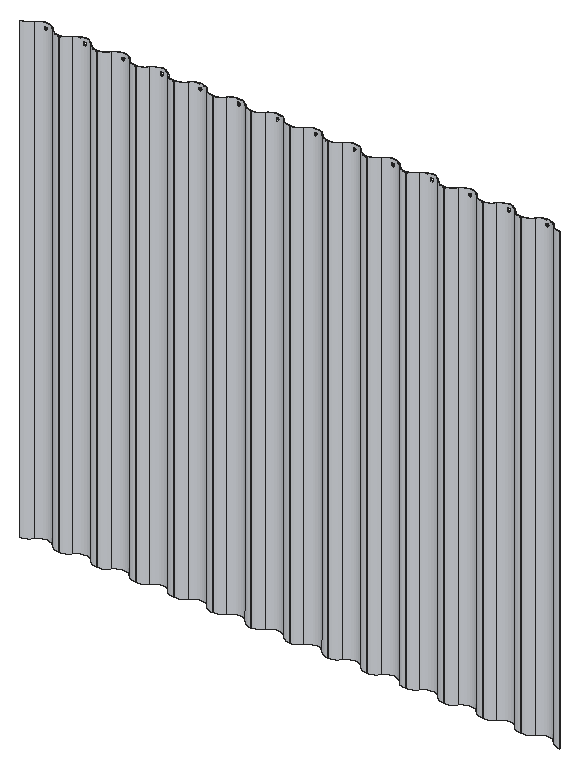
Revit family
Parameters (values of type "84" Curtain")
  offset [instance] = 0' - 0"
  Warranty Duration (Years) = 0
  Unit Width = 7' - 0"
  Unit Height = 0' - 1 1/2"
  Unit Depth = 0' - 0"
  URL = "http://www.americanspecialties.com/viewCategories.cfm"
  Trim Material = Vinyl Fabric
  Specification = "http://www.arcat.com/sdspecs/htm/10810asi.htm"
  SpecWizard = ""
  Send Message = "http://www.arcat.com/users.pl?action=UserEmail&company=American%20Specialties,%20Inc.&coid=30448&rep=139&fax=914-476-0688&mf="
  Sales Information = "http://www.americanspecialties.com/contact"
  Revision = "R1_10-2010"
  Product Properties = "http://www.americanspecialties.com/datasheets/1200V.pdf"
  Product Data = "http://www.arcat.com/arcatcos/cos30/arc30448.html"
  Model = "As Specified in 10 28 13"
  Manufacturer Website = "http://www.americanspecialties.com/viewCategories.cfm"
  Manufacturer Phone - Toll Free = ""
  Manufacturer Phone = "914-476-9000 "
  Manufacturer Fax = "914-476-0688"
  Manufacturer Address = "441 Saw Mill River Rd., Yonkers, NY 10701"
  Manufacturer = "American Specialties, Inc."
  Maintenance Schedule (Months) = 0
  Keynote = "10 28 13"
  Installation-Fabrication = "http://www.americanspecialties.com/products.cfm"
  Installation Phase = ""
  Green Building-LEED = "http://www.arcat.com/green/clients/leed_data_30448.html"
  Expected Lifespan (Years) = 0
  Drawn By = "Robert S. Weygant, CSI, CDT, SCIP"
  Description = "Toilet Accessory as Specified in 10 28 13"
  Default Elevation = 4' - 0"
  Curtain = Unit Width / 0' 6"  # 14
  Copyright = "©Arcat Inc."
  Construction Details = "http://www.americanspecialties.com/products.cfm"
  Body Material = Vinyl Fabric
  Assembly Code = "C1030210"
Types (6): name | Unit Width | Trim Material | Product Properties | Curtain | Body Material
  (no name) | 7' - 0" | Vinyl Fabric | "http://www.americanspecialties.com/datasheets/1200V.pdf" | 14 | Vinyl Fabric
  84" Curtain | 7' - 0" | Vinyl Fabric | "http://www.americanspecialties.com/datasheets/1200V.pdf" | 14 | Vinyl Fabric
  72" Curtain | 6' - 0" | none | "http://www.arcat.com/bim/bim_info.pl?fn=AmericanSpecialties" | 12 | none
  60" Curtain | 5' - 0" | none | "http://www.arcat.com/bim/bim_info.pl?fn=AmericanSpecialties" | 10 | none
  54" Curtain | 4' - 6" | none | "http://www.arcat.com/bim/bim_info.pl?fn=AmericanSpecialties" | 9 | none
  42" Curtain | 3' - 6" | none | "http://www.arcat.com/bim/bim_info.pl?fn=AmericanSpecialties" | 7 | none
Reference planes (in)
  plane 1 "Center (Front/Back)": y = 0
  plane 2 "Bottom": z = 0
  plane 3 "Center (Left/Right)": x = 3
  plane 4 "Front": y = -0.75
  plane 5 "Back": y = 0.75
  plane 6 "Top": z = 80.19785
  plane 7: x = 87
Dimensions and locks (in)
  equal spacing: plane 5 "Back", plane 1 "Center (Front/Back)", plane 4 "Front"
  "Unit Height": plane 5 "Back" to plane 4 "Front"
  "Unit Width": plane 3 "Center (Left/Right)" to plane 7
  equal spacing: group 1, group 2, group 3, group 4, group 5, group 6, group 7, group 8, group 9, group 10, group 11, group 12, group 13, group 14  (x3)
Nested families (in)
  nested 1: "1200" at (3, 0, 0), type "1200"
    with offset 0' - 0"
  nested 2: "1200" at (9, 0, 0), type "1200"
    with offset 0' - 0"
  nested 3: "1200" at (15, 0, 0), type "1200"
    with offset 0' - 0"
  nested 4: "1200" at (21, 0, 0), type "1200"
    with offset 0' - 0"
  nested 5: "1200" at (27, 0, 0), type "1200"
    with offset 0' - 0"
  nested 6: "1200" at (33, 0, 0), type "1200"
    with offset 0' - 0"
  nested 7: "1200" at (39, 0, 0), type "1200"
    with offset 0' - 0"
  nested 8: "1200" at (45, 0, 0), type "1200"
    with offset 0' - 0"
  nested 9: "1200" at (51, 0, 0), type "1200"
    with offset 0' - 0"
  nested 10: "1200" at (57, 0, 0), type "1200"
    with offset 0' - 0"
  nested 11: "1200" at (63, 0, 0), type "1200"
    with offset 0' - 0"
  nested 12: "1200" at (69, 0, 0), type "1200"
    with offset 0' - 0"
  nested 13: "1200" at (75, 0, 0), type "1200"
    with offset 0' - 0"
  nested 14: "1200" at (81, 0, 0), type "1200"
    with offset 0' - 0"
Definition of nested family "1200"
  Parameters (values of type "1200")
    offset [instance] = 0' - 0"
    Warranty Duration (Years) = 0
    URL = "http://www.americanspecialties.com/viewCategories.cfm"
    Trim Material = none
    Specification = "http://www.arcat.com/sdspecs/htm/10810asi.htm"
    SpecWizard = ""
    Send Message = "http://www.arcat.com/users.pl?action=UserEmail&company=American%20Specialties,%20Inc.&coid=30448&rep=139&fax=914-476-0688&mf="
    Sales Information = "http://www.americanspecialties.com/contact"
    Revision = "R1_10-2010"
    Product Properties = "http://www.arcat.com/bim/bim_info.pl?fn=AmericanSpecialties"
    Product Data = "http://www.arcat.com/arcatcos/cos30/arc30448.html"
    Model = "As Specified in 10 28 13"
    Manufacturer Website = "http://www.americanspecialties.com/viewCategories.cfm"
    Manufacturer Phone - Toll Free = ""
    Manufacturer Phone = "914-476-9000 "
    Manufacturer Fax = "914-476-0688"
    Manufacturer Address = "441 Saw Mill River Rd., Yonkers, NY 10701"
    Manufacturer = "American Specialties, Inc."
    Maintenance Schedule (Months) = 0
    Keynote = "10 28 13"
    Installation-Fabrication = "http://www.americanspecialties.com/products.cfm"
    Installation Phase = ""
    Green Building-LEED = "http://www.arcat.com/green/clients/leed_data_30448.html"
    Expected Lifespan (Years) = 0
    Drawn By = "Robert S. Weygant, CSI, CDT, SCIP"
    Description = "Toilet Accessory as Specified in 10 28 13"
    Default Elevation = 4' - 0"
    Copyright = "©Arcat Inc."
    Construction Details = "http://www.americanspecialties.com/products.cfm"
    Body Material = none
    Assembly Code = "C1030210"
  Reference planes (in)
    plane 1 "Center (Front/Back)": y = 0
    plane 2 "Bottom": z = 0
    plane 3 "Center (Left/Right)": x = 0
    plane 4 "Front": y = -0.75
    plane 5 "Back": y = 0.75
    plane 6 "Top": z = 80.19785
  Forms (in)
    Extrusion 1, solid, material <- "Body Material"
      sketch origin (18, 0, 0) x (1, 0, 0) y (0, 1, 0)
        loop
          line (-21, -0.71875) -> (-21, -0.75002)
          arc (-21, -0.75002) -> (-20.14799, -0.57105) -> (-19.475, -0.01875) r 1.83067
          arc (-19.475, -0.01875) -> (-18, 0.71875) -> (-16.525, -0.01875) r 1.84375
          arc (-16.525, -0.01875) -> (-15.85201, -0.57105) -> (-15, -0.75002) r 1.83067
          line (-15, -0.75002) -> (-15, -0.71875)
          arc (-15, -0.71875) -> (-15.83803, -0.54309) -> (-16.5, 0) r 1.79942
          arc (-16.5, 0) -> (-18, 0.75) -> (-19.5, 0) r 1.875
          arc (-19.5, 0) -> (-20.16197, -0.54309) -> (-21, -0.71875) r 1.79942
      from 0 to 72
    Extrusion 2, void
      sketch origin (19.50463, 0, 1) x (1, 0, 0) y (0, 0, 1)
        loop
          circle (-19.50463, 70.29495) r 0.25
      from -6.07115 to 4.6508
  Cuts and joins
    Extrusion 2 cuts Extrusion 1
